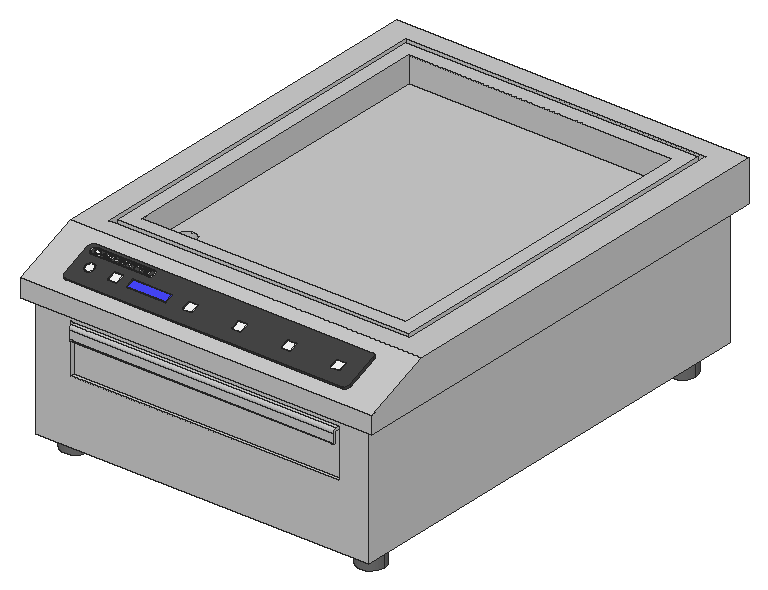
Revit family "QF_ADVENTYS_BGIC_3600_250901092825", category Specialty Equipment, Revit 2021
Family settings
  Round Connector Dimension = Use Diameter
  Part Type = Normal
  OmniClass Number = 23.40.40.14
  OmniClass Title = Food Service Equipment
  Work Plane-Based = No
  Always vertical = Yes
  Cut with Voids When Loaded = No
  Shared = No
  Room Calculation Point = No
Parameters (values of type "ADV2146")
  Weight in Pounds [instance] = 0
  Weight = 15.00 kg
  Warranty Start Date [instance] = ""
  Warranty Duration [instance] = ""
  Volts [instance] = 230 V
  URL Recommended Spares List = ""
  URL Manufacturer = ""
  URL Cutsheet = ""
  URL Critical Spares List = ""
  URL = "www.adventys.com"
  Tag Number [instance] = ""
  Status [instance] = ""
  Specification by User [instance] = ""
  Specification by Manufacturer [instance] = ""
  Sound Level [instance] = ""
  Solid Fuel Type [instance] = ""
  Service Life Duration [instance] = ""
  Serial Number [instance] = ""
  Seismic Rating [instance] = ""
  SMACNA No [instance] = ""
  Revision Code [instance] = ""
  Revision [instance] = ""
  Production Year [instance] = ""
  Point Load [instance] = 0
  Phase [instance] = 1
  Other Equipment Approvals [instance] = ""
  Number of Poles [instance] = 2
  NAFEM Spec ID Number [instance] = ""
  Model Warning [instance] = ""
  Model = "BGIC 3600"
  Min Ckt Ampacity [instance] = 0 A
  Max Overcurrent Protection [instance] = 25 A
  Masterspec [instance] = ""
  Manufacturer = "ADVENTYS"
  Length Actual = 392 mm
  Item Number [instance] = ""
  Installed By [instance] = ""
  Installation Date [instance] = ""
  Identify Quantity as Lot [instance] = no
  ID [instance] = ""
  Hygiene Approval [instance] = ""
  Hot Water Consumption = 0.0 L/s
  Height Actual = 206 mm
  HP power [instance] = ""
  Furnished By [instance] = ""
  Foodservice Equipment Identifier [instance] = no
  FL Amps [instance] = 16 A
  Electrical Remarks [instance] = "Plug not included"
  Electric power [instance] = 0 W
  Electric Connection Type [instance] = "Cord&Plug"
  Elec Conn RI Height [instance] = 0 mm
  Elec Conn Connection Height [instance] = 0 mm
  ETL Approved [instance] = no
  Description = "BIOLINE COUNTER-TOP PLANCHA"
  Depth Actual = 526 mm
  Default Elevation = 0 mm
  Cycle [instance] = 50 Hz
  Cost = 0
  Conn Plug [instance] = ""
  Conn Conduit [instance] = no
  CSI MasterFormat [instance] = ""
  CE Approved [instance] = no
  Barcode [instance] = 0
  Author [instance] = ""
  Asset Identifier [instance] = ""
  Apparent Power [instance] = 3600 VA
  Accessory = no
Reference planes
  plane 1 "Center (Front/Back)": y = 0
  plane 2: z = 0
  plane 3 "Center (Left/Right)": x = 0
Forms (mm)
  Extrusion 1, solid, not visible
    sketch origin (81.004, -235.011, 18.001) x (1, 0, 0) y (0, 1, 0)
      loop
        line (-2, 2) -> (-2, -2) -> (2, -2) -> (2, 2) -> (-2, 2)
    from -2 to 2
Dimensions and locks
  locked: nested 2 to Extrusion 1 at 2  (x2)
  aligned and locked: level to plane 2
Nested families
  nested 1: "QF_ADVENTYS_ADV2145_2916" at (0, 0, 0), type "ADV2146"
    with Status "", Show Logo yes, Show Clearance yes
  nested 2: "CONN_POINT_ELE_2D___Generic_Annotation" at (81.004, -235.011, 16.001), type "CONN_POINT_ELE_2D___Generic_Annotation"
    with Onboard connection annotation symbol visibility yes
Connectors
  electrical at (81.004, -235.011, 16.001), driven by "Apparent Power", driven by "Number of Poles", driven by "Volts"
    settings: on Extrusion 1, index 1, voltage 230 V, apparent load 0 VA, apparent load phase1 3600 VA, apparent load phase2 0 VA, apparent load phase3 0 VA, power factor 1, load classification "Other", number of poles 2, system type 31, power factor state 1, is connector primary yes, connector utility no, sub classification motor no, connector description "Electrical connection for BGIC 3600"
Definition of nested family "QF_ADVENTYS_ADV2145_2916"
  Parameters (values of type "ADV2146")
    URL = "www.adventys.com"
    Status [instance] = ""
    Show Logo [instance] = yes
    Show Clearance [instance] = yes
    Model = "BGIC 3600"
    Manufacturer = "ADVENTYS"
    Description = "BIOLINE COUNTER-TOP PLANCHA"
    Default Elevation = 0 mm
    Author = "SPECIFI"
    Assembly Code = "E1090320"
  Types (2, lengths in mm): name | Model
    ADV2145 | "BGIC 3000"
    ADV2146 | "BGIC 3600"
  Reference planes
    plane 1 "Back": y = 0
    plane 2: z = 0
    plane 3 "Left": x = 0
    plane 4 "Right": x = 392
    plane 5 "Front": y = -526
    plane 6 "Top": z = 206
  Forms (mm)
    Extrusion 1, solid
      sketch origin (0, 0, 1.96) x (1, 0, 0) y (0, 1, 0)
        loop
          line (8.2, -10.21) -> (8.2, -515) -> (380, -515) -> (380, -10.21) -> (8.2, -10.21)
      from 19.527 to 157.575
    Extrusion 2, solid
      sketch origin (0, 0, -798.04) x (0, 1, 0) y (0, 0, 1)
        loop
          line (-10.21, 957.575) -> (0, 957.575) -> (0, 1004.04) -> (-455.444, 1004.04) -> (-526, 976.956) -> (-526, 957.575) -> (-10.21, 957.575)
      from 0 to 392
    Extrusion 3, void
      sketch origin (0, 0, -798.04) x (1, 0, 0) y (0, 0, 1)
        loop
          line (48.028, 946.408) -> (48.028, 891.408) -> (348.028, 891.408) -> (348.028, 946.408) -> (48.028, 946.408)
      from 510.75 to 522.828
    Extrusion 4, solid
      sketch origin (0, -10.625, -798.04) x (0, 1, 0) y (0, 0, 1)
        loop
          line (-500.125, 944.503) -> (-507.071, 944.503)
          arc (-507.071, 944.503) -> (-509.08, 942.777) -> (-509.571, 940.173) r 4.003
          line (-509.571, 940.173) -> (-509.571, 930.173)
          arc (-509.571, 930.173) -> (-508.754, 929.357) -> (-507.937, 930.173) r 0.817
          line (-507.937, 930.173) -> (-507.937, 941.636) -> (-500.125, 941.636) -> (-500.125, 944.503)
      from 50.516 to 345.612
    Extrusion 5, solid
      sketch origin (-2.5, 0, 0) x (1, 0, 0) y (0, 1, 0)
        loop
          circle (28.374, -481.404) r 15
      from 0 to 21.487
    Extrusion 6, solid
      sketch origin (-2.5, 435, 0) x (1, 0, 0) y (0, 1, 0)
        loop
          circle (28.374, -481.404) r 15
      from 0 to 21.487
    Extrusion 7, solid
      sketch origin (327.5, 435, 0) x (1, 0, 0) y (0, 1, 0)
        loop
          circle (28.374, -481.404) r 15
      from 0 to 21.487
    Extrusion 8, solid
      sketch origin (327.5, 0, 0) x (1, 0, 0) y (0, 1, 0)
        loop
          circle (28.374, -481.404) r 15
      from 0 to 21.487
    Extrusion 9, void
      sketch origin (0, 0, 1.96) x (1, 0, 0) y (0, 1, 0)
        loop
          line (46.678, -41.897) -> (46.678, -415.181) -> (341.668, -415.181) -> (341.668, -41.897) -> (46.678, -41.897)
        loop
          line (31.678, -430.181) -> (356.668, -430.181) -> (356.668, -26.897) -> (31.678, -26.897) -> (31.678, -430.181)
        loop
          line (26.678, -435.181) -> (361.668, -435.181) -> (361.668, -21.897) -> (26.678, -21.897) -> (26.678, -435.181)
      from 175.477 to 205
    Extrusion 10, void
      sketch origin (30, 5, 1.96) x (1, 0, 0) y (0, 1, 0)
        loop
          circle (36.446, -381.546) r 10
      from 119.218 to 205
    Extrusion 11, solid
      sketch origin (744.475, 17.253, -0.3) x (1, 0, 0) y (0, 1, 0)
        loop
          circle (-663.433, -252.253) r 17.553
      from 16.313 to 21.787
    Extrusion 12, solid
      sketch origin (41, -116.893, 182.786) x (1, 0, 0) y (0, 0.933578, 0.358374)
        loop
          arc (-1, -323.032) -> (-4.536, -324.496) -> (-6, -328.032) r 5
          line (-6, -328.032) -> (-6, -363.032)
          arc (-6, -363.032) -> (-4.536, -366.568) -> (-1, -368.032) r 5
          line (-1, -368.032) -> (307.346, -368.032)
          arc (307.346, -368.032) -> (310.881, -366.568) -> (312.346, -363.032) r 5
          line (312.346, -363.032) -> (312.346, -328.032)
          arc (312.346, -328.032) -> (310.881, -324.496) -> (307.346, -323.032) r 5
          line (307.346, -323.032) -> (-1, -323.032)
        loop
          circle (10.799, -348.029) r 5
        loop
          line (34.385, -344.032) -> (34.385, -352.032)
          arc (34.385, -352.032) -> (34.678, -352.739) -> (35.385, -353.032) r 1
          line (35.385, -353.032) -> (43.385, -353.032)
          arc (43.385, -353.032) -> (44.092, -352.739) -> (44.385, -352.032) r 1
          line (44.385, -352.032) -> (44.385, -344.032)
          arc (44.385, -344.032) -> (44.092, -343.325) -> (43.385, -343.032) r 1
          line (43.385, -343.032) -> (35.385, -343.032)
          arc (35.385, -343.032) -> (34.678, -343.325) -> (34.385, -344.032) r 1
        loop
          line (118.135, -344.032) -> (118.135, -352.032)
          arc (118.135, -352.032) -> (118.428, -352.739) -> (119.135, -353.032) r 1
          line (119.135, -353.032) -> (127.135, -353.032)
          arc (127.135, -353.032) -> (127.842, -352.739) -> (128.135, -352.032) r 1
          line (128.135, -352.032) -> (128.135, -344.032)
          arc (128.135, -344.032) -> (127.842, -343.325) -> (127.135, -343.032) r 1
          line (127.135, -343.032) -> (119.135, -343.032)
          arc (119.135, -343.032) -> (118.428, -343.325) -> (118.135, -344.032) r 1
        loop
          line (55.396, -343.032) -> (55.396, -353.032) -> (98.982, -353.032) -> (98.982, -343.032) -> (55.396, -343.032)
        loop
          line (283.135, -344.032) -> (283.135, -352.032)
          arc (283.135, -352.032) -> (283.428, -352.739) -> (284.135, -353.032) r 1
          line (284.135, -353.032) -> (292.135, -353.032)
          arc (292.135, -353.032) -> (292.842, -352.739) -> (293.135, -352.032) r 1
          line (293.135, -352.032) -> (293.135, -344.032)
          arc (293.135, -344.032) -> (292.842, -343.325) -> (292.135, -343.032) r 1
          line (292.135, -343.032) -> (284.135, -343.032)
          arc (284.135, -343.032) -> (283.428, -343.325) -> (283.135, -344.032) r 1
        loop
          line (228.135, -344.032) -> (228.135, -352.032)
          arc (228.135, -352.032) -> (228.428, -352.739) -> (229.135, -353.032) r 1
          line (229.135, -353.032) -> (237.135, -353.032)
          arc (237.135, -353.032) -> (237.842, -352.739) -> (238.135, -352.032) r 1
          line (238.135, -352.032) -> (238.135, -344.032)
          arc (238.135, -344.032) -> (237.842, -343.325) -> (237.135, -343.032) r 1
          line (237.135, -343.032) -> (229.135, -343.032)
          arc (229.135, -343.032) -> (228.428, -343.325) -> (228.135, -344.032) r 1
        loop
          line (173.135, -344.032) -> (173.135, -352.032)
          arc (173.135, -352.032) -> (173.428, -352.739) -> (174.135, -353.032) r 1
          line (174.135, -353.032) -> (182.135, -353.032)
          arc (182.135, -353.032) -> (182.842, -352.739) -> (183.135, -352.032) r 1
          line (183.135, -352.032) -> (183.135, -344.032)
          arc (183.135, -344.032) -> (182.842, -343.325) -> (182.135, -343.032) r 1
          line (182.135, -343.032) -> (174.135, -343.032)
          arc (174.135, -343.032) -> (173.428, -343.325) -> (173.135, -344.032) r 1
      from 143 to 145
    Extrusion 13, solid
      sketch origin (41, -116.893, 182.786) x (1, 0, 0) y (0, 0.933578, 0.358374)
        loop
          circle (10.635, -348.032) r 5
        loop
          arc (35.385, -343.032) -> (34.678, -343.325) -> (34.385, -344.032) r 1
          line (34.385, -344.032) -> (34.385, -352.032)
          arc (34.385, -352.032) -> (34.678, -352.739) -> (35.385, -353.032) r 1
          line (35.385, -353.032) -> (43.385, -353.032)
          arc (43.385, -353.032) -> (44.092, -352.739) -> (44.385, -352.032) r 1
          line (44.385, -352.032) -> (44.385, -344.032)
          arc (44.385, -344.032) -> (44.092, -343.325) -> (43.385, -343.032) r 1
          line (43.385, -343.032) -> (35.385, -343.032)
        loop
          arc (119.135, -343.032) -> (118.428, -343.325) -> (118.135, -344.032) r 1
          line (118.135, -344.032) -> (118.135, -352.032)
          arc (118.135, -352.032) -> (118.428, -352.739) -> (119.135, -353.032) r 1
          line (119.135, -353.032) -> (127.135, -353.032)
          arc (127.135, -353.032) -> (127.842, -352.739) -> (128.135, -352.032) r 1
          line (128.135, -352.032) -> (128.135, -344.032)
          arc (128.135, -344.032) -> (127.842, -343.325) -> (127.135, -343.032) r 1
          line (127.135, -343.032) -> (119.135, -343.032)
        loop
          arc (174.135, -343.032) -> (173.428, -343.325) -> (173.135, -344.032) r 1
          line (173.135, -344.032) -> (173.135, -352.032)
          arc (173.135, -352.032) -> (173.428, -352.739) -> (174.135, -353.032) r 1
          line (174.135, -353.032) -> (182.135, -353.032)
          arc (182.135, -353.032) -> (182.842, -352.739) -> (183.135, -352.032) r 1
          line (183.135, -352.032) -> (183.135, -344.032)
          arc (183.135, -344.032) -> (182.842, -343.325) -> (182.135, -343.032) r 1
          line (182.135, -343.032) -> (174.135, -343.032)
        loop
          arc (229.135, -343.032) -> (228.428, -343.325) -> (228.135, -344.032) r 1
          line (228.135, -344.032) -> (228.135, -352.032)
          arc (228.135, -352.032) -> (228.428, -352.739) -> (229.135, -353.032) r 1
          line (229.135, -353.032) -> (237.135, -353.032)
          arc (237.135, -353.032) -> (237.842, -352.739) -> (238.135, -352.032) r 1
          line (238.135, -352.032) -> (238.135, -344.032)
          arc (238.135, -344.032) -> (237.842, -343.325) -> (237.135, -343.032) r 1
          line (237.135, -343.032) -> (229.135, -343.032)
        loop
          arc (284.135, -343.032) -> (283.428, -343.325) -> (283.135, -344.032) r 1
          line (283.135, -344.032) -> (283.135, -352.032)
          arc (283.135, -352.032) -> (283.428, -352.739) -> (284.135, -353.032) r 1
          line (284.135, -353.032) -> (292.135, -353.032)
          arc (292.135, -353.032) -> (292.842, -352.739) -> (293.135, -352.032) r 1
          line (293.135, -352.032) -> (293.135, -344.032)
          arc (293.135, -344.032) -> (292.842, -343.325) -> (292.135, -343.032) r 1
          line (292.135, -343.032) -> (284.135, -343.032)
      from 143 to 145
    Extrusion 14, solid, visible <- "Show Logo"
      sketch origin (-43.557, -18.026, 186.708) x (1, 0, 0) y (0, 0.933578, 0.358374)
        loop
          arc (88.581, -421.313) -> (88.113, -421.507) -> (87.92, -421.974) r 0.661
          line (87.92, -421.974) -> (87.92, -423.61)
          arc (87.92, -423.61) -> (88.124, -424.087) -> (88.609, -424.27) r 0.661
          line (88.609, -424.27) -> (88.609, -423.032)
          arc (88.609, -423.032) -> (88.952, -422.351) -> (89.662, -422.077) r 1.058
          line (89.662, -422.077) -> (92.486, -422.077)
          arc (92.486, -422.077) -> (92.335, -421.544) -> (91.833, -421.313) r 0.661
          line (91.833, -421.313) -> (88.581, -421.313)
        loop
          arc (88.581, -420.916) -> (87.833, -421.226) -> (87.523, -421.974) r 1.058
          line (87.523, -421.974) -> (87.523, -423.61)
          arc (87.523, -423.61) -> (87.843, -424.368) -> (88.609, -424.667) r 1.058
          arc (88.609, -424.667) -> (88.88, -425.483) -> (89.667, -425.828) r 1.058
          arc (89.667, -425.828) -> (89.974, -426.583) -> (90.725, -426.896) r 1.058
          line (90.725, -426.896) -> (93.719, -426.896)
          arc (93.719, -426.896) -> (94.467, -426.586) -> (94.777, -425.838) r 1.058
          line (94.777, -425.838) -> (94.777, -424.306)
          arc (94.777, -424.306) -> (94.463, -423.554) -> (93.708, -423.248) r 1.058
          arc (93.708, -423.248) -> (93.515, -422.517) -> (92.883, -422.101) r 1.058
          arc (92.883, -422.101) -> (92.625, -421.273) -> (91.833, -420.916) r 1.058
          line (91.833, -420.916) -> (88.581, -420.916)
        loop
          arc (93.719, -426.499) -> (94.187, -426.306) -> (94.38, -425.838) r 0.661
          line (94.38, -425.838) -> (94.38, -424.306)
          arc (94.38, -424.306) -> (94.185, -423.837) -> (93.714, -423.645) r 0.661
          line (93.714, -423.645) -> (93.714, -424.77)
          arc (93.714, -424.77) -> (93.404, -425.518) -> (92.656, -425.828) r 1.058
          line (92.656, -425.828) -> (90.064, -425.828)
          arc (90.064, -425.828) -> (90.254, -426.302) -> (90.725, -426.499) r 0.661
          line (90.725, -426.499) -> (93.719, -426.499)
        loop
          arc (95.546, -425.156) -> (95.587, -425.684) -> (96.116, -425.67) r 0.384
          line (96.116, -425.67) -> (96.845, -424.94) -> (99.743, -424.94) -> (100.472, -425.67)
          arc (100.472, -425.67) -> (101.001, -425.684) -> (101.042, -425.156) r 0.384
          line (101.042, -425.156) -> (98.294, -421.762) -> (95.546, -425.156)
        loop
          line (98.294, -423.127) -> (97.364, -424.275) -> (99.224, -424.275) -> (98.294, -423.127)
        loop
          line (102.315, -421.827) -> (102.315, -425.732) -> (105.995, -425.732)
          arc (105.995, -425.732) -> (107.947, -423.78) -> (105.995, -421.827) r 1.953
          line (105.995, -421.827) -> (102.315, -421.827)
        loop
          line (105.995, -422.854) -> (103.343, -422.854) -> (103.343, -424.705) -> (105.995, -424.705)
          arc (105.995, -424.705) -> (106.92, -423.78) -> (105.995, -422.854) r 0.925
        loop
          arc (109.84, -422.053) -> (109.312, -422.039) -> (109.27, -422.566) r 0.384
          line (109.27, -422.566) -> (112.019, -425.961) -> (114.767, -422.566)
          arc (114.767, -422.566) -> (114.725, -422.039) -> (114.197, -422.053) r 0.384
          line (114.197, -422.053) -> (112.019, -424.743) -> (109.84, -422.053)
        loop
          line (121.269, -421.781) -> (116.07, -421.781) -> (116.07, -425.732) -> (121.269, -425.732)
          arc (121.269, -425.732) -> (121.671, -425.331) -> (121.269, -424.93) r 0.401
          line (121.269, -424.93) -> (116.972, -424.93) -> (116.972, -424.139) -> (121.269, -424.139)
          arc (121.269, -424.139) -> (121.633, -423.775) -> (121.269, -423.412) r 0.363
          line (121.269, -423.412) -> (116.972, -423.412) -> (116.972, -422.583) -> (121.269, -422.583)
          arc (121.269, -422.583) -> (121.671, -422.182) -> (121.269, -421.781) r 0.401
        loop
          line (122.879, -422.331) -> (122.879, -425.274)
          arc (122.879, -425.274) -> (123.306, -425.701) -> (123.733, -425.274) r 0.427
          line (123.733, -425.274) -> (123.733, -423.122) -> (127.538, -425.5)
          arc (127.538, -425.5) -> (128.155, -425.516) -> (128.468, -424.984) r 0.608
          line (128.468, -424.984) -> (128.468, -422.254)
          arc (128.468, -422.254) -> (128.018, -421.804) -> (127.568, -422.254) r 0.45
          line (127.568, -422.254) -> (127.568, -424.337) -> (123.663, -421.897)
          arc (123.663, -421.897) -> (123.143, -421.883) -> (122.879, -422.331) r 0.513
        loop
          arc (130.273, -421.857) -> (129.778, -422.352) -> (130.273, -422.846) r 0.494
          line (130.273, -422.846) -> (132.065, -422.846) -> (132.065, -425.082)
          arc (132.065, -425.082) -> (132.54, -425.558) -> (133.016, -425.082) r 0.475
          line (133.016, -425.082) -> (133.016, -422.846) -> (134.724, -422.846)
          arc (134.724, -422.846) -> (135.218, -422.352) -> (134.724, -421.857) r 0.494
          line (134.724, -421.857) -> (130.273, -421.857)
        loop
          line (139.461, -423.175) -> (137.5, -421.853)
          arc (137.5, -421.853) -> (136.836, -421.982) -> (136.965, -422.646) r 0.479
          line (136.965, -422.646) -> (138.926, -423.969) -> (138.926, -425.108)
          arc (138.926, -425.108) -> (139.461, -425.643) -> (139.997, -425.108) r 0.535
          line (139.997, -425.108) -> (139.997, -423.969) -> (141.958, -422.646)
          arc (141.958, -422.646) -> (142.087, -421.982) -> (141.423, -421.853) r 0.479
          line (141.423, -421.853) -> (139.461, -423.175)
        loop
          line (148.501, -421.857) -> (144.795, -421.857)
          arc (144.795, -421.857) -> (143.661, -422.991) -> (144.795, -424.125) r 1.134
          line (144.795, -424.125) -> (147.852, -424.125)
          arc (147.852, -424.125) -> (148.265, -424.538) -> (147.852, -424.951) r 0.413
          line (147.852, -424.951) -> (144.128, -424.951)
          arc (144.128, -424.951) -> (143.786, -425.292) -> (144.128, -425.634) r 0.342
          line (144.128, -425.634) -> (148.218, -425.634)
          arc (148.218, -425.634) -> (148.994, -424.394) -> (147.885, -423.44) r 1.122
          line (147.885, -423.44) -> (144.736, -423.44)
          arc (144.736, -423.44) -> (144.286, -422.99) -> (144.736, -422.541) r 0.45
          line (144.736, -422.541) -> (148.501, -422.541)
          arc (148.501, -422.541) -> (148.843, -422.199) -> (148.501, -421.857) r 0.342
        loop
          arc (87.442, -420.162) -> (83.674, -423.931) -> (87.442, -427.699) r 3.769
          line (87.442, -427.699) -> (150.103, -427.699)
          arc (150.103, -427.699) -> (153.872, -423.931) -> (150.103, -420.162) r 3.769
          line (150.103, -420.162) -> (87.442, -420.162)
        loop
          arc (87.442, -419.771) -> (83.283, -423.931) -> (87.442, -428.091) r 4.16
          line (87.442, -428.091) -> (150.103, -428.091)
          arc (150.103, -428.091) -> (154.263, -423.931) -> (150.103, -419.771) r 4.16
          line (150.103, -419.771) -> (87.442, -419.771)
      from 176.77 to 176.97
    Extrusion 15, solid
      sketch origin (61, -116.893, 182.786) x (1, 0, 0) y (0, 0.933578, 0.358374)
        loop
          line (35.396, -343.032) -> (35.396, -353.032) -> (78.982, -353.032) -> (78.982, -343.032) -> (35.396, -343.032)
      from 143 to 145
    Extrusion 16, void
      sketch origin (0, 0, 0) x (1, 0, 0) y (0, 1, 0)
        loop
          line (392, 0) -> (0, 0) -> (0, -526) -> (392, -526) -> (392, 0)
      from 0 to 159.535
  Cuts and joins
    Extrusion 3, Extrusion 9, Extrusion 10 cuts Extrusion 1
    Extrusion 9, Extrusion 10 cuts Extrusion 2
    Extrusion 9 cuts Extrusion 6
    Extrusion 9 cuts Extrusion 7
  Lines and regions (mm)
    symbolic lines
      curve 1: line (0, 0, 0) -> (392, 0, 0)
      curve 2: line (392, 0, 0) -> (392, -526, 0)
      curve 3: line (392, -526, 0) -> (0, -526, 0)
      curve 4: line (0, -526, 0) -> (0, 0, 0)
      curve 5: line (0, -455.444, 0) -> (392, -455.444, 0)
      curve 6: line (341.668, -415.181, 0) -> (341.668, -41.897, 0)
      curve 7: line (341.668, -41.897, 0) -> (46.678, -41.897, 0)
      curve 8: line (46.678, -415.181, 0) -> (341.668, -415.181, 0)
      curve 9: line (46.678, -415.181, 0) -> (46.678, -41.897, 0)
      curve 10: circle (66.428, -376.376, 0) r 10.017 normal (0, 0, 1)
      curve 11: line (356.668, -430.181, 0) -> (31.678, -430.181, 0)
      curve 12: line (26.678, -435.181, 0) -> (361.668, -435.181, 0)
      curve 13: spline (40, -470.433, 0) -> (39.347, -470.473, 0) -> (38.706, -470.592, 0) -> (38.087, -470.789, 0) -> (37.5, -471.059, 0) -> (36.956, -471.398, 0) -> (36.464, -471.8, 0) -> (36.033, -472.259, 0) -> (35.67, -472.767, 0) -> (35.381, -473.315, 0) -> (35.17, -473.893, 0) -> (35.043, -474.492, 0) -> (35, -475.101, 0)
      curve 14: line (348.346, -470.433, 0) -> (40, -470.433, 0)
      curve 15: line (35, -475.101, 0) -> (35, -507.776, 0)
      curve 16: spline (35, -507.776, 0) -> (35.043, -508.386, 0) -> (35.17, -508.984, 0) -> (35.381, -509.563, 0) -> (35.67, -510.11, 0) -> (36.033, -510.618, 0) -> (36.464, -511.077, 0) -> (36.956, -511.48, 0) -> (37.5, -511.819, 0) -> (38.087, -512.089, 0) -> (38.706, -512.285, 0) -> (39.347, -512.404, 0) -> (40, -512.444, 0)
      curve 17: line (40, -512.444, 0) -> (348.346, -512.444, 0)
      curve 18: spline (348.346, -512.444, 0) -> (348.998, -512.404, 0) -> (349.64, -512.285, 0) -> (350.259, -512.089, 0) -> (350.846, -511.819, 0) -> (351.39, -511.48, 0) -> (351.881, -511.077, 0) -> (352.313, -510.618, 0) -> (352.676, -510.11, 0) -> (352.965, -509.563, 0) -> (353.175, -508.984, 0) -> (353.303, -508.386, 0) -> (353.346, -507.776, 0)
      curve 19: line (353.346, -507.776, 0) -> (353.346, -475.101, 0)
      curve 20: spline (353.346, -475.101, 0) -> (353.303, -474.492, 0) -> (353.175, -473.893, 0) -> (352.965, -473.315, 0) -> (352.676, -472.767, 0) -> (352.313, -472.259, 0) -> (351.881, -471.8, 0) -> (351.39, -471.398, 0) -> (350.846, -471.059, 0) -> (350.259, -470.789, 0) -> (349.64, -470.592, 0) -> (348.998, -470.473, 0) -> (348.346, -470.433, 0)
      curve 21: line (333.135, -489.105, 0) -> (325.135, -489.105, 0)
      curve 22: spline (334.135, -490.038, 0) -> (334.126, -489.917, 0) -> (334.101, -489.797, 0) -> (334.059, -489.681, 0) -> (334.001, -489.572, 0) -> (333.928, -489.47, 0) -> (333.842, -489.378, 0) -> (333.743, -489.298, 0) -> (333.635, -489.23, 0) -> (333.517, -489.176, 0) -> (333.393, -489.137, 0) -> (333.265, -489.113, 0) -> (333.135, -489.105, 0)
      curve 23: line (334.135, -497.507, 0) -> (334.135, -490.038, 0)
      curve 24: spline (333.135, -498.441, 0) -> (333.265, -498.433, 0) -> (333.393, -498.409, 0) -> (333.517, -498.37, 0) -> (333.635, -498.315, 0) -> (333.743, -498.248, 0) -> (333.842, -498.167, 0) -> (333.928, -498.075, 0) -> (334.001, -497.974, 0) -> (334.059, -497.864, 0) -> (334.101, -497.749, 0) -> (334.126, -497.629, 0) -> (334.135, -497.507, 0)
      curve 25: line (325.135, -498.441, 0) -> (333.135, -498.441, 0)
      curve 26: spline (325.135, -498.441, 0) -> (325.004, -498.433, 0) -> (324.876, -498.409, 0) -> (324.752, -498.37, 0) -> (324.635, -498.315, 0) -> (324.526, -498.248, 0) -> (324.428, -498.167, 0) -> (324.341, -498.075, 0) -> (324.269, -497.974, 0) -> (324.211, -497.864, 0) -> (324.169, -497.749, 0) -> (324.143, -497.629, 0) -> (324.135, -497.507, 0)
      curve 27: line (324.135, -490.038, 0) -> (324.135, -497.507, 0)
      curve 28: spline (56.635, -493.773, 0) -> (56.464, -492.565, 0) -> (55.965, -491.439, 0) -> (55.17, -490.472, 0) -> (54.135, -489.73, 0) -> (52.929, -489.264, 0) -> (51.635, -489.105, 0) -> (50.341, -489.264, 0) -> (49.135, -489.73, 0) -> (48.099, -490.472, 0) -> (47.305, -491.439, 0) -> (46.805, -492.565, 0) -> (46.635, -493.773, 0)
      curve 29: spline (46.635, -493.773, 0) -> (46.805, -494.981, 0) -> (47.305, -496.107, 0) -> (48.099, -497.073, 0) -> (49.135, -497.815, 0) -> (50.341, -498.282, 0) -> (51.635, -498.441, 0) -> (52.929, -498.282, 0) -> (54.135, -497.815, 0) -> (55.17, -497.073, 0) -> (55.965, -496.107, 0) -> (56.464, -494.981, 0) -> (56.635, -493.773, 0)
      curve 30: line (361.668, -435.181, 0) -> (361.668, -21.897, 0)
      curve 31: line (356.668, -26.897, 0) -> (356.668, -430.181, 0)
      curve 32: line (361.668, -21.897, 0) -> (26.678, -21.897, 0)
      curve 33: line (31.678, -26.897, 0) -> (356.668, -26.897, 0)
      curve 34: line (31.678, -430.181, 0) -> (31.678, -26.897, 0)
      curve 35: line (26.678, -21.897, 0) -> (26.678, -435.181, 0)
      curve 36: spline (324.135, -490.038, 0) -> (324.143, -489.917, 0) -> (324.169, -489.797, 0) -> (324.211, -489.681, 0) -> (324.269, -489.572, 0) -> (324.341, -489.47, 0) -> (324.428, -489.378, 0) -> (324.526, -489.298, 0) -> (324.635, -489.23, 0) -> (324.752, -489.176, 0) -> (324.876, -489.137, 0) -> (325.004, -489.113, 0) -> (325.135, -489.105, 0)
      curve 37: line (278.135, -489.105, 0) -> (270.135, -489.105, 0)
      curve 38: spline (279.135, -490.038, 0) -> (279.126, -489.917, 0) -> (279.101, -489.797, 0) -> (279.059, -489.681, 0) -> (279.001, -489.572, 0) -> (278.928, -489.47, 0) -> (278.842, -489.378, 0) -> (278.743, -489.298, 0) -> (278.635, -489.23, 0) -> (278.517, -489.176, 0) -> (278.393, -489.137, 0) -> (278.265, -489.113, 0) -> (278.135, -489.105, 0)
      curve 39: line (279.135, -497.507, 0) -> (279.135, -490.038, 0)
      curve 40: spline (278.135, -498.441, 0) -> (278.265, -498.433, 0) -> (278.393, -498.409, 0) -> (278.517, -498.37, 0) -> (278.635, -498.315, 0) -> (278.743, -498.248, 0) -> (278.842, -498.167, 0) -> (278.928, -498.075, 0) -> (279.001, -497.974, 0) -> (279.059, -497.864, 0) -> (279.101, -497.749, 0) -> (279.126, -497.629, 0) -> (279.135, -497.507, 0)
      curve 41: line (270.135, -498.441, 0) -> (278.135, -498.441, 0)
      curve 42: spline (270.135, -498.441, 0) -> (270.004, -498.433, 0) -> (269.876, -498.409, 0) -> (269.752, -498.37, 0) -> (269.635, -498.315, 0) -> (269.526, -498.248, 0) -> (269.428, -498.167, 0) -> (269.341, -498.075, 0) -> (269.269, -497.974, 0) -> (269.211, -497.864, 0) -> (269.169, -497.749, 0) -> (269.143, -497.629, 0) -> (269.135, -497.507, 0)
      curve 43: line (269.135, -490.038, 0) -> (269.135, -497.507, 0)
      curve 44: spline (269.135, -490.038, 0) -> (269.143, -489.917, 0) -> (269.169, -489.797, 0) -> (269.211, -489.681, 0) -> (269.269, -489.572, 0) -> (269.341, -489.47, 0) -> (269.428, -489.378, 0) -> (269.526, -489.298, 0) -> (269.635, -489.23, 0) -> (269.752, -489.176, 0) -> (269.876, -489.137, 0) -> (270.004, -489.113, 0) -> (270.135, -489.105, 0)
      curve 45: line (223.135, -489.105, 0) -> (215.135, -489.105, 0)
      curve 46: spline (224.135, -490.038, 0) -> (224.126, -489.917, 0) -> (224.101, -489.797, 0) -> (224.059, -489.681, 0) -> (224.001, -489.572, 0) -> (223.928, -489.47, 0) -> (223.842, -489.378, 0) -> (223.743, -489.298, 0) -> (223.635, -489.23, 0) -> (223.517, -489.176, 0) -> (223.393, -489.137, 0) -> (223.265, -489.113, 0) -> (223.135, -489.105, 0)
      curve 47: line (224.135, -497.507, 0) -> (224.135, -490.038, 0)
      curve 48: spline (223.135, -498.441, 0) -> (223.265, -498.433, 0) -> (223.393, -498.409, 0) -> (223.517, -498.37, 0) -> (223.635, -498.315, 0) -> (223.743, -498.248, 0) -> (223.842, -498.167, 0) -> (223.928, -498.075, 0) -> (224.001, -497.974, 0) -> (224.059, -497.864, 0) -> (224.101, -497.749, 0) -> (224.126, -497.629, 0) -> (224.135, -497.507, 0)
      curve 49: line (215.135, -498.441, 0) -> (223.135, -498.441, 0)
      curve 50: spline (215.135, -498.441, 0) -> (215.004, -498.433, 0) -> (214.876, -498.409, 0) -> (214.752, -498.37, 0) -> (214.635, -498.315, 0) -> (214.526, -498.248, 0) -> (214.428, -498.167, 0) -> (214.341, -498.075, 0) -> (214.269, -497.974, 0) -> (214.211, -497.864, 0) -> (214.169, -497.749, 0) -> (214.143, -497.629, 0) -> (214.135, -497.507, 0)
      curve 51: line (214.135, -490.038, 0) -> (214.135, -497.507, 0)
      curve 52: spline (214.135, -490.038, 0) -> (214.143, -489.917, 0) -> (214.169, -489.797, 0) -> (214.211, -489.681, 0) -> (214.269, -489.572, 0) -> (214.341, -489.47, 0) -> (214.428, -489.378, 0) -> (214.526, -489.298, 0) -> (214.635, -489.23, 0) -> (214.752, -489.176, 0) -> (214.876, -489.137, 0) -> (215.004, -489.113, 0) -> (215.135, -489.105, 0)
      curve 53: line (168.135, -489.105, 0) -> (160.135, -489.105, 0)
      curve 54: spline (169.135, -490.038, 0) -> (169.126, -489.917, 0) -> (169.101, -489.797, 0) -> (169.059, -489.681, 0) -> (169.001, -489.572, 0) -> (168.928, -489.47, 0) -> (168.842, -489.378, 0) -> (168.743, -489.298, 0) -> (168.635, -489.23, 0) -> (168.517, -489.176, 0) -> (168.393, -489.137, 0) -> (168.265, -489.113, 0) -> (168.135, -489.105, 0)
      curve 55: line (169.135, -497.507, 0) -> (169.135, -490.038, 0)
      curve 56: spline (168.135, -498.441, 0) -> (168.265, -498.433, 0) -> (168.393, -498.409, 0) -> (168.517, -498.37, 0) -> (168.635, -498.315, 0) -> (168.743, -498.248, 0) -> (168.842, -498.167, 0) -> (168.928, -498.075, 0) -> (169.001, -497.974, 0) -> (169.059, -497.864, 0) -> (169.101, -497.749, 0) -> (169.126, -497.629, 0) -> (169.135, -497.507, 0)
      curve 57: line (160.135, -498.441, 0) -> (168.135, -498.441, 0)
      curve 58: spline (160.135, -498.441, 0) -> (160.004, -498.433, 0) -> (159.876, -498.409, 0) -> (159.752, -498.37, 0) -> (159.635, -498.315, 0) -> (159.526, -498.248, 0) -> (159.428, -498.167, 0) -> (159.341, -498.075, 0) -> (159.269, -497.974, 0) -> (159.211, -497.864, 0) -> (159.169, -497.749, 0) -> (159.143, -497.629, 0) -> (159.135, -497.507, 0)
      curve 59: line (159.135, -490.038, 0) -> (159.135, -497.507, 0)
      curve 60: spline (159.135, -490.038, 0) -> (159.143, -489.917, 0) -> (159.169, -489.797, 0) -> (159.211, -489.681, 0) -> (159.269, -489.572, 0) -> (159.341, -489.47, 0) -> (159.428, -489.378, 0) -> (159.526, -489.298, 0) -> (159.635, -489.23, 0) -> (159.752, -489.176, 0) -> (159.876, -489.137, 0) -> (160.004, -489.113, 0) -> (160.135, -489.105, 0)
      curve 61: line (84.385, -489.105, 0) -> (76.385, -489.105, 0)
      curve 62: spline (85.385, -490.038, 0) -> (85.376, -489.917, 0) -> (85.351, -489.797, 0) -> (85.309, -489.681, 0) -> (85.251, -489.572, 0) -> (85.178, -489.47, 0) -> (85.092, -489.378, 0) -> (84.993, -489.298, 0) -> (84.885, -489.23, 0) -> (84.767, -489.176, 0) -> (84.643, -489.137, 0) -> (84.515, -489.113, 0) -> (84.385, -489.105, 0)
      curve 63: line (85.385, -497.507, 0) -> (85.385, -490.038, 0)
      curve 64: spline (84.385, -498.441, 0) -> (84.515, -498.433, 0) -> (84.643, -498.409, 0) -> (84.767, -498.37, 0) -> (84.885, -498.315, 0) -> (84.993, -498.248, 0) -> (85.092, -498.167, 0) -> (85.178, -498.075, 0) -> (85.251, -497.974, 0) -> (85.309, -497.864, 0) -> (85.351, -497.749, 0) -> (85.376, -497.629, 0) -> (85.385, -497.507, 0)
      curve 65: line (76.385, -498.441, 0) -> (84.385, -498.441, 0)
      curve 66: spline (76.385, -498.441, 0) -> (76.254, -498.433, 0) -> (76.126, -498.409, 0) -> (76.002, -498.37, 0) -> (75.885, -498.315, 0) -> (75.776, -498.248, 0) -> (75.678, -498.167, 0) -> (75.591, -498.075, 0) -> (75.519, -497.974, 0) -> (75.461, -497.864, 0) -> (75.419, -497.749, 0) -> (75.393, -497.629, 0) -> (75.385, -497.507, 0)
      curve 67: line (75.385, -490.038, 0) -> (75.385, -497.507, 0)
      curve 68: spline (75.385, -490.038, 0) -> (75.393, -489.917, 0) -> (75.419, -489.797, 0) -> (75.461, -489.681, 0) -> (75.519, -489.572, 0) -> (75.591, -489.47, 0) -> (75.678, -489.378, 0) -> (75.776, -489.298, 0) -> (75.885, -489.23, 0) -> (76.002, -489.176, 0) -> (76.126, -489.137, 0) -> (76.254, -489.113, 0) -> (76.385, -489.105, 0)
      curve 69: line (139.982, -489.105, 0) -> (96.396, -489.105, 0)
      curve 70: line (139.982, -498.441, 0) -> (139.982, -489.105, 0)
      curve 71: line (96.396, -498.441, 0) -> (139.982, -498.441, 0)
      curve 72: line (96.396, -489.105, 0) -> (96.396, -498.441, 0)
  Dimensions and locks
    plane 3 "Left" to plane 4 "Right" = 392 mm
    plane 5 "Front" to plane 1 "Back" = 526 mm
    plane 6 "Top" to level = 206 mm  (x2)
    aligned and locked: level to plane 2
Definition of nested family "CONN_POINT_ELE_2D___Generic_Annotation"
  Parameters (values of type "CONN_POINT_ELE_2D___Generic_Annotation")
    Onboard connection annotation symbol visibility [instance] = yes
  Reference planes
    plane 1: y = 0
    plane 2: x = 0
  Lines and regions (mm)
    detail lines, visible <- "Onboard connection annotation symbol visibility"
      curve 1: circle (0, 0, 0) r 0.5 normal (0, 0, 1)
      curve 2: line (-1, 0, 0) -> (1, 0, 0)
      curve 3: line (0, 1, 0) -> (0, -1, 0)
      curve 4: line (2.5, 1, 0) -> (1.25, 1, 0)
      curve 5: line (1.25, 1, 0) -> (1.25, -1, 0)
      curve 6: line (1.25, -1, 0) -> (2.5, -1, 0)
      curve 7: line (1.25, 0, 0) -> (2, 0, 0)
